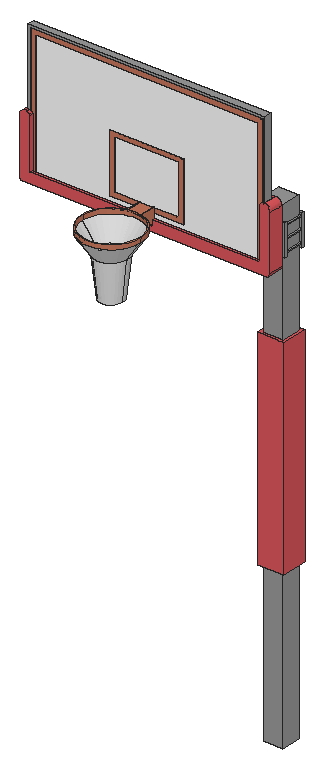
Revit family "Basketball_Backstop-Outdoor-Ultimate_Fixed_Height-IPIbyBison-BA873-74", category Specialty Equipment, Revit 2022
Family settings
  Round Connector Dimension = Use Diameter
  Part Type = Normal
  OmniClass Number = 23.40.50.34.14
  OmniClass Title = Gymnasium Equipment
  Work Plane-Based = No
  Always vertical = Yes
  Cut with Voids When Loaded = No
  Maintain Annotation Orientation = No
  Shared = No
  Room Calculation Point = No
Parameters (values of type "BK873-BK")
  padding color [instance] = Plastic - IPI by Bison - Scarlet SC
  URL = "https://ipibybison.com/"
  Specification = "https://www.arcat.com/company/ipi-by-bison-38554/spec"
  Product Page URL = "https://www.arcat.com/arcatcos/cos38/arc38554.html"
  Post Height = 8' - 4"
  Post Square Width = 0' - 6"
  Post Material = Steel - Galvanized - Hot Dipped
  Padding Color [instance] = Plastic - IPI by Bison - Scarlet SC
  Padding = Padding - Black
  Model = "BK873-BK"
  Manufacturer = "IPI by Bison"
  Keynote = "11 66 00"
  Hoop Finish = Powder Coat - Playground Orange
  Hoop Elevation = 10' - 0"
  Embedding Depth = 4' - 0"
  Description = "Outdoor Basketball Frame and Backboard Systems"
  Default Elevation = 0' - 0"
  Copyright = "© 2023 ARCAT"  # constant formula
  Category = ""
  CAD Details = "https://www.arcat.com/company/ipi-by-bison-38554/cad"
  Basket Type = "BA32"
  Basket Netting = Finish - IPI by Bison - White Netting
  Backboard Length = 6' - 0"
  Backboard Height = 3' - 6"
  Backboard Finish = Powder Coat - White
  Backboard BA472PC = no
  Backboard BA42RG = yes
Types (3): name | Model | Basket Type | Backboard Finish | Backboard BA472PC | Backboard BA42RG
  BA874-BK | "BA874-BK" | "BA39U" | Steel - Galvanized - Perforated | yes | no
  BA873U-BK | "BA873U-BK" | "BA32" | Powder Coat - White | no | yes
  BK873-BK | "BK873-BK" | "BA32" | Powder Coat - White | no | yes
Reference planes (in)
  plane 1 "Center (Front/Back)": y = 0
  plane 2 "Bottom": z = 0
  plane 3 "Center (Left/Right)": x = 0
  plane 4: x = -3
  plane 5: x = 3
  plane 6 "Back": y = 3
  plane 7 "Front": y = -3
  plane 8: y = -51
  plane 9: y = -48.75
  plane 10 "Left": x = -36
  plane 11 "Right": x = 36
  plane 12: z = 114.5
  plane 13: z = 120
  plane 14 "Top": z = 156.5
  plane 15: y = -51.0625
  plane 16: z = 116.75
  plane 17: y = -31.25
  plane 18: y = -33.25
  plane 19: z = -48
  plane 20: z = 100
  plane 21: z = 94.54174
  plane 22: z = 90.80259
  plane 23: z = 87.06343
  plane 24: x = -3.5
  plane 25: x = 3.5
  plane 26: x = -35.25
  plane 27: x = 35.25
  plane 28: z = 155.75
  plane 29: z = 115.25
  plane 30 "Board Center": y = -49.875
Forms (in)
  Extrusion 1, solid, material "Steel - Galvanized - Hot Dipped" <- "Post Material"
    sketch origin (0, 0, 0) x (1, 0, 0) y (0, 0, 1)
      loop
        line (-36, 114.5) -> (36, 114.5) -> (36, 156.5) -> (-36, 156.5) -> (-36, 114.5)
      loop
        line (-35.25, 155.75) -> (-35.25, 115.25) -> (35.25, 115.25) -> (35.25, 155.75) -> (-35.25, 155.75)
    from 48.75 to 51
  Extrusion 2, solid, material "Powder Coat - Playground Orange" <- "Hoop Finish", visible <- "Backboard BA42RG"
    sketch origin (0, 0, 0) x (1, 0, 0) y (0, 0, 1)
      loop
        line (-11.25, 118.5) -> (-2.25, 118.5) -> (-2.25, 120) -> (-9.75, 120) -> (-9.75, 135) -> (9.75, 135) -> (9.75, 120) -> (2.25, 120) -> (2.25, 118.5) -> (11.25, 118.5) -> (11.25, 136.5) -> (-11.25, 136.5) -> (-11.25, 118.5)
      loop
        line (-35.25, 115.25) -> (-2.25, 115.25) -> (-2.25, 116.75) -> (-33.75, 116.75) -> (-33.75, 154.25) -> (33.75, 154.25) -> (33.75, 116.75) -> (2.25, 116.75) -> (2.25, 115.25) -> (35.25, 115.25) -> (35.25, 155.75) -> (-35.25, 155.75) -> (-35.25, 115.25)
    from 51 to 51.0625
  Extrusion 3, solid, material "Steel - Galvanized - Hot Dipped" <- "Post Material"
    sketch origin (0, 0, 0) x (0, 1, 0) y (0, 0, 1)
      loop
        line (-48.75, 114.5) -> (-25.24781, 114.5) -> (-28.37601, 118.5) -> (-48.75, 118.5) -> (-48.75, 114.5)
    from -2.25 to 2.25
  Extrusion 4, solid, material "Steel - Galvanized - Hot Dipped" <- "Post Material"
    sketch origin (0, 0, 0) x (1, 0, 0) y (0, 1, 0)
      loop
        line (-3, 3) -> (-3, -3) -> (3, -3) -> (3, 3) -> (-3, 3)
    from -48 to 100
  Extrusion 5, solid, material "Steel - Galvanized - Hot Dipped" <- "Post Material"
    sketch origin (0, 0, 0) x (0, 1, 0) y (0, 0, 1)
      loop
        line (-3, 95) -> (-48.75, 153.5) -> (-48.75, 144.55198) -> (-3, 86.05198) -> (-3, 95)
    from -3 to 3
  Extrusion 6, solid, material "Steel - Galvanized - Hot Dipped" <- "Post Material"
    sketch origin (0, 0, 0) x (0, 1, 0) y (0, 0, 1)
      loop
        line (-3, 95.55319) -> (-3.5, 95.55319) -> (-3.5, 86.05198) -> (-3, 86.05198) -> (-3, 95.55319)
      loop
        line (3, 95.55319) -> (3, 86.05198) -> (3.5, 86.05198) -> (3.5, 95.55319) -> (3, 95.55319)
    from -4 to 4
  Extrusion 7, solid, material "Steel - Galvanized - Hot Dipped" <- "Post Material"
    sketch origin (0, 0, 0) x (1, 0, 0) y (0, 0, 1)
      loop
        circle (-3.5, 94.54174) r 0.25
      loop
        circle (-3.5, 87.06343) r 0.25
      loop
        circle (-3.5, 90.80259) r 0.25
      loop
        circle (3.5, 94.54174) r 0.25
      loop
        circle (3.5, 87.06343) r 0.25
      loop
        circle (3.5, 90.80259) r 0.25
    from -3 to 3
  Extrusion 8, solid, material "Powder Coat - White" <- "Backboard Finish", visible <- "Backboard BA42RG"
    sketch origin (0, 0, 0) x (1, 0, 0) y (0, 0, 1)
      loop
        line (-35.25, 155.75) -> (-35.25, 115.25) -> (35.25, 115.25) -> (35.25, 155.75) -> (-35.25, 155.75)
    from 48.75 to 51
  Extrusion 9, solid, material "Powder Coat - White" <- "Backboard Finish", visible <- "Backboard BA472PC"
    sketch origin (0, 0, 0) x (1, 0, 0) y (0, 0, 1)
      loop
        line (-35.25, 155.75) -> (-35.25, 115.25) -> (-11.25, 115.25) -> (-11.25, 136.5) -> (11.25, 136.5) -> (11.25, 115.25) -> (35.25, 115.25) -> (35.25, 155.75) -> (-35.25, 155.75)
    from 48.75 to 51
  Extrusion 10, solid, material "Steel - Galvanized - Hot Dipped" <- "Post Material", visible <- "Backboard BA472PC"
    sketch origin (0, 0, 0) x (1, 0, 0) y (0, 0, 1)
      loop
        line (-11.25, 136.5) -> (-11.25, 115.25) -> (11.25, 115.25) -> (11.25, 136.5) -> (-11.25, 136.5)
    from 48.75 to 51
  Extrusion 11, solid, material "Plastic - IPI by Bison - Scarlet SC" <- "Padding Color"
    sketch origin (0, 0, 0) x (1, 0, 0) y (0, 1, 0)
      loop
        line (-3, 3) -> (-3, -3) -> (3, -3) -> (3, 3) -> (-3, 3)
      loop
        line (4, 4) -> (-4, 4) -> (-4, -4) -> (4, -4) -> (4, 4)
    from 0 to 63.25
  Extrusion 12, solid, material "Plastic - IPI by Bison - Scarlet SC" <- "padding color"
    sketch origin (0, -49.875, 0) x (-1, 0, 0) y (0, 0, 1)
      loop
        arc (35.72165, 133.52297) -> (35.01454, 133.23008) -> (34.72165, 132.52297) r 1
        line (34.72165, 132.52297) -> (34.72165, 117.16432) -> (-35.25, 117.16432) -> (-35.25, 132.52297)
        arc (-35.25, 132.52297) -> (-35.54289, 133.23008) -> (-36.25, 133.52297) r 1
        line (-36.25, 133.52297) -> (-36.52835, 133.52297)
        arc (-36.52835, 133.52297) -> (-37.76579, 133.01041) -> (-38.27835, 131.77297) r 1.75
        line (-38.27835, 131.77297) -> (-38.27835, 115.02297)
        arc (-38.27835, 115.02297) -> (-37.98546, 114.31587) -> (-37.27835, 114.02297) r 1
        line (-37.27835, 114.02297) -> (36.72165, 114.02297)
        arc (36.72165, 114.02297) -> (37.42876, 114.31587) -> (37.72165, 115.02297) r 1
        line (37.72165, 115.02297) -> (37.72165, 131.77297)
        arc (37.72165, 131.77297) -> (37.20909, 133.01041) -> (35.97165, 133.52297) r 1.75
        line (35.97165, 133.52297) -> (35.72165, 133.52297)
    from -2.18697 to 2.14819
Dimensions and locks (in)
  equal spacing: plane 4, plane 3 "Center (Left/Right)", plane 5
  "Post Square Width": plane 4 to plane 5
  equal spacing: plane 6 "Back", plane 1 "Center (Front/Back)", plane 7 "Front"
  "Post Square Width": plane 6 "Back" to plane 7 "Front"
  locked: plane 8 to plane 7 "Front" at 48
  locked: plane 9 to plane 8 at 2.25
  equal spacing: plane 10 "Left", plane 3 "Center (Left/Right)", plane 11 "Right"
  "Backboard Length": plane 10 "Left" to plane 11 "Right"
  "Hoop Elevation": plane 13 to level
  locked: plane 13 to plane 12 at 5.5
  "Backboard Height": plane 14 "Top" to plane 12
  locked: plane 8 to plane 15 at 0.0625
  locked: plane 16 to plane 12 at 2.25
  locked: plane 17 to plane 18 at 2
  "Embedding Depth": level to plane 19
  "Post Height": plane 20 to level
  plane 20 to Extrusion 5 sketch curve to Extrusion 5 sketch curve = 0' - 5" locked, 0' - 8.94802" locked
  plane 14 "Top" to Extrusion 5 sketch curve to Extrusion 5 sketch curve = 0' - 3" locked, 0' - 8.94802" locked
  locked: plane 7 "Front" to Extrusion 6 sketch curve at 0.5
  plane 20 to Extrusion 6 sketch curve = 0' - 4.44681"
  locked: Extrusion 6 sketch curve to Extrusion 6 sketch curve at 9.50121  (x2)
  locked: Extrusion 6 sketch curve to plane 6 "Back" at 0.5
  equal spacing: Extrusion 6, plane 3 "Center (Left/Right)", Extrusion 6
  locked: Extrusion 6 to Extrusion 6 at 8
  locked: plane 4 to plane 24 at 0.5
  locked: plane 5 to plane 25 at 0.5
  locked: plane 20 to plane 21 at 5.45826
  equal spacing: plane 21, plane 22, plane 23
  locked: plane 21 to plane 23 at 7.47831
  locked: Extrusion 3 sketch curve to plane 17 at 6.00219
  locked: Extrusion 3 sketch curve to plane 17 at 2.87399
  locked: plane 26 to plane 10 "Left" at 0.75
  locked: plane 27 to plane 11 "Right" at 0.75
  locked: plane 14 "Top" to plane 28 at 0.75
  locked: plane 29 to plane 12 at 0.75
  locked: Extrusion 2 sketch curve to plane 26 at 1.5
  locked: plane 28 to Extrusion 2 sketch curve at 1.5
  locked: Extrusion 2 sketch curve to plane 27 at 1.5
  locked: Extrusion 2 sketch curve to plane 29 at 1.5  (x2)
  equal spacing: Extrusion 9 sketch curve, plane 3 "Center (Left/Right)", Extrusion 9 sketch curve
  locked: Extrusion 9 sketch curve to Extrusion 9 sketch curve at 22.5
  locked: Extrusion 9 sketch curve to plane 29 at 21.25
  equal spacing: Extrusion 10 sketch curve, plane 3 "Center (Left/Right)", Extrusion 10 sketch curve
  locked: Extrusion 10 sketch curve to Extrusion 10 sketch curve at 22.5
  locked: Extrusion 10 sketch curve to plane 29 at 21.25
  locked: Extrusion 11 sketch curve to Extrusion 4 at 1  (x3)
  locked: Extrusion 4 to Extrusion 11 sketch curve at 1
  locked: plane 9 to plane 30 "Board Center" at 1.125
  aligned and locked: plane 2 "Bottom" to level
  aligned and locked: Extrusion 1 to plane 8
  aligned and locked: plane 9 to Extrusion 1
  aligned and locked: plane 8 to Extrusion 2
  aligned and locked: Extrusion 2 to plane 15
  aligned and locked: plane 3 "Center (Left/Right)" to nested 1
  aligned and locked: plane 13 to nested 1
  aligned and locked: nested 1 to plane 8
  aligned and locked: plane 4 to Extrusion 4 sketch curve
  aligned and locked: plane 5 to Extrusion 4 sketch curve
  aligned and locked: Extrusion 4 sketch curve to plane 7 "Front"
  aligned and locked: Extrusion 4 sketch curve to plane 6 "Back"
  aligned and locked: plane 20 to Extrusion 4
  aligned and locked: Extrusion 4 to plane 19
  aligned and locked: Extrusion 5 to plane 4
  aligned and locked: Extrusion 5 to plane 5
  aligned and locked: Extrusion 5 sketch curve to plane 9
  aligned and locked: Extrusion 5 sketch curve to plane 7 "Front"
  aligned and locked: plane 9 to Extrusion 3 sketch curve
  aligned and locked: plane 12 to Extrusion 3 sketch curve
  aligned and locked: Extrusion 6 sketch curve to plane 7 "Front"
  aligned and locked: plane 6 "Back" to Extrusion 6 sketch curve
  aligned and locked: plane 24 to Extrusion 7 sketch curve  (x3)
  aligned and locked: plane 25 to Extrusion 7 sketch curve  (x3)
  aligned and locked: plane 21 to Extrusion 7 sketch curve  (x2)
  aligned and locked: plane 22 to Extrusion 7 sketch curve  (x2)
  aligned and locked: plane 23 to Extrusion 7 sketch curve  (x2)
  aligned and locked: plane 6 "Back" to Extrusion 7
  aligned and locked: plane 7 "Front" to Extrusion 7
  aligned and locked: Extrusion 1 sketch curve to plane 10 "Left"
  aligned and locked: plane 11 "Right" to Extrusion 1 sketch curve
  aligned and locked: Extrusion 1 sketch curve to plane 14 "Top"
  aligned and locked: Extrusion 1 sketch curve to plane 12
  aligned and locked: plane 26 to Extrusion 1 sketch curve
  aligned and locked: plane 27 to Extrusion 1 sketch curve
  aligned and locked: Extrusion 1 sketch curve to plane 28
  aligned and locked: plane 29 to Extrusion 1 sketch curve
  aligned and locked: plane 26 to Extrusion 8 sketch curve
  aligned and locked: plane 27 to Extrusion 8 sketch curve
  aligned and locked: Extrusion 8 sketch curve to plane 28
  aligned and locked: plane 29 to Extrusion 8 sketch curve
  aligned and locked: plane 9 to Extrusion 8
  aligned and locked: Extrusion 8 to plane 8
  aligned and locked: plane 26 to Extrusion 2 sketch curve
  aligned and locked: Extrusion 2 sketch curve to plane 28
  aligned and locked: Extrusion 2 sketch curve to plane 29
  aligned and locked: Extrusion 2 sketch curve to plane 27
  aligned and locked: plane 26 to Extrusion 9 sketch curve
  aligned and locked: Extrusion 9 sketch curve to plane 28
  aligned and locked: plane 27 to Extrusion 9 sketch curve
  aligned and locked: plane 29 to Extrusion 9 sketch curve
  aligned and locked: plane 29 to Extrusion 10 sketch curve
  aligned and locked: plane 9 to Extrusion 10
  aligned and locked: Extrusion 10 to plane 8
  aligned and locked: Extrusion 9 to plane 8
  aligned and locked: plane 9 to Extrusion 9
  aligned and locked: Extrusion 11 sketch curve to plane 4
  aligned and locked: plane 5 to Extrusion 11 sketch curve
  aligned and locked: Extrusion 11 sketch curve to plane 6 "Back"
  aligned and locked: plane 7 "Front" to Extrusion 11 sketch curve
Automatic sketch dimensions
  Extrusion 3 sketch curve to plane 13 = 0' - 1 1/2"
  Extrusion 6 sketch curve to Extrusion 6 sketch curve = 0' - 0"
  Extrusion 2 sketch curve to plane 13 = 0' - 0"  (x2)
  Extrusion 2 sketch curve to plane 29 = 0' - 0"
  Extrusion 2 sketch curve to plane 13 = 0' - 1 1/2"
  Extrusion 2 sketch curve to plane 24 = 0' - 7 3/4"
  Extrusion 2 sketch curve to Extrusion 2 sketch curve = 0' - 1 1/2"  (x4)
  plane 4 to Extrusion 2 sketch curve = 0' - 0 3/4"  (x2)
  plane 5 to Extrusion 2 sketch curve = 0' - 0 3/4"  (x2)
  plane 25 to Extrusion 2 sketch curve = 0' - 6 1/4"
  plane 13 to Extrusion 2 sketch curve = 1' - 3"
  Extrusion 9 sketch curve to plane 29 = 0' - 0"
  plane 27 to Extrusion 12 sketch curve = 0' - 0"
  Extrusion 12 sketch curve to plane 11 "Right" = 0' - 0 1/4"
  Extrusion 12 sketch curve to Extrusion 12 sketch curve = 0' - 0.27835"
  Extrusion 12 sketch curve to plane 29 = 0' - 0.22703"  (x2)
  Extrusion 12 sketch curve to plane 11 "Right" = 0' - 1.27835"
  Extrusion 12 sketch curve to Extrusion 12 sketch curve = 0' - 1 3/4"
  plane 26 to Extrusion 12 sketch curve = 0' - 0.52835"
  plane 10 "Left" to Extrusion 12 sketch curve = 0' - 0.27835"
  plane 10 "Left" to Extrusion 12 sketch curve = 0' - 0.02835"
  Extrusion 12 sketch curve to plane 10 "Left" = 0' - 0.72165"
  plane 16 to Extrusion 12 sketch curve = 0' - 0.41432"
  plane 13 to Extrusion 12 sketch curve = 0' - 11.77297"  (x2)
  radius of Extrusion 7 sketch curve = 0' - 0 1/4"  (x6)
Nested families (in)
  nested 1: "Playground-System_Heavy-Duty-4_1-2in_PR52_Basket" at (0, -51, 120), Frame <- "Hoop Finish", Netting <- "Basket Netting", type "Playground-System_Heavy-Duty-4_1-2in_PR52_Basket"
    with Netting Finish - IPI by Bison - White Netting, Frame Powder Coat - Playground Orange
Definition of nested family "Playground-System_Heavy-Duty-4_1-2in_PR52_Basket"
  Parameters (values of type "Playground-System_Heavy-Duty-4_1-2in_PR52_Basket")
    Netting [instance] = none
    Frame [instance] = none
    Default Elevation = 0' - 0"
  Reference planes (in)
    plane 1 "Center (Front/Back)": y = 0
    plane 2: z = 0
    plane 3 "Center (Left/Right)": x = 0
    plane 4 "Net": y = -13.5
    plane 5: x = -2.25
    plane 6: x = 2.25
  Forms (in)
    Extrusion 1, solid, material <- "Frame"
      sketch origin (0, 0, 0) x (1, 0, 0) y (0, 1, 0)
        loop
          circle (0, -13.5) r 9
        loop
          circle (0, -13.5) r 8.75
      from -1.38229 to 0
    Extrusion 2, solid, material <- "Frame"
      sketch origin (0, 0, 0) x (0, 1, 0) y (0, 0, 1)
        loop
          line (0, 0) -> (-4.75, 0) -> (-4.75, -1.1813) -> (0, -5.25) -> (0, 0)
      from -2.25 to -2.06458
    Extrusion 3, solid, material <- "Frame"
      sketch origin (0, 0, 0) x (0, 1, 0) y (0, 0, -1)
        loop
          line (0, 0) -> (0, 5.25) -> (-4.75, 1.1813) -> (-4.75, 0) -> (0, 0)
      from -2.25 to -2.06458
    Extrusion 4, solid, material <- "Frame"
      sketch origin (0, 0, 0) x (0, 1, 0) y (0, 0, 1)
        loop
          line (-4.75, 0) -> (-4.75, -0.25) -> (-0.25, -0.25) -> (-0.25, -5.03586) -> (0, -5.25) -> (0, 0) -> (-4.75, 0)
      from -2.06458 to 2.06458
    Revolve 5, solid, material <- "Netting"
      sketch origin (0, -13.5, 0) x (-1, 0, 0) y (0, 0, 1)
        loop
          line (9, -1.38229) -> (8.8474, -1.38229) -> (4.72063, -7.27592) -> (3.4482, -19.38229) -> (3.57389, -19.38229) -> (4.84157, -7.32114) -> (9, -1.38229)
        axis (0, -1.38229) -> (0, -19.38229)
      angle from 0 to 360
  Dimensions and locks (in)
    locked: level to Extrusion 1 at 1.38229
    locked: plane 4 "Net" to plane 1 "Center (Front/Back)" at 13.5
    equal spacing: plane 6, plane 3 "Center (Left/Right)", plane 5
    locked: plane 6 to plane 5 at 4.5
    aligned and locked: plane 2 to level
    aligned and locked: level to Extrusion 1
  Automatic sketch dimensions
    Extrusion 1 sketch curve to Extrusion 1 sketch curve = 0' - 0"  (x2)
    Extrusion 1 sketch curve to plane 3 "Center (Left/Right)" = 0' - 0"
    Extrusion 1 sketch curve to plane 4 "Net" = 0' - 0"
    Revolve 5 sketch curve to plane 3 "Center (Left/Right)" = 0' - 0"
    Revolve 5 sketch curve to plane 5 = 0' - 1.1982"
    Revolve 5 sketch curve to Revolve 5 sketch curve = 0' - 0.12569"
    Revolve 5 sketch curve to plane 5 = 0' - 2.47063"
    Revolve 5 sketch curve to Revolve 5 sketch curve = 0' - 0.12094"
    Revolve 5 sketch curve to level = 0' - 1.38229"  (x2)
    Revolve 5 sketch curve to plane 5 = 0' - 6.5974"
    Revolve 5 sketch curve to Revolve 5 sketch curve = 0' - 0.1526"
    Revolve 5 sketch curve to Revolve 5 sketch curve = 0' - 0.04522"
    Revolve 5 sketch curve to Revolve 5 sketch curve = 1' - 0.06115"
    Revolve 5 sketch curve to Revolve 5 sketch curve = 0' - 1"
    Revolve 5 sketch curve to Revolve 5 sketch curve = 0' - 5.89364"
    Extrusion 2 sketch curve to level = 0' - 0"
    Extrusion 2 sketch curve to plane 1 "Center (Front/Back)" = 0' - 0"
    Extrusion 2 sketch curve to level = 0' - 1.1813"
    plane 1 "Center (Front/Back)" to Extrusion 2 sketch curve = 0' - 4 3/4"
    Extrusion 2 sketch curve to level = 0' - 5 1/4"
    Extrusion 3 sketch curve to level = 0' - 0"
    Extrusion 3 sketch curve to plane 1 "Center (Front/Back)" = 0' - 0"
    Extrusion 3 sketch curve to level = 0' - 1.1813"
    plane 1 "Center (Front/Back)" to Extrusion 3 sketch curve = 0' - 4 3/4"
    Extrusion 3 sketch curve to level = 0' - 5 1/4"
    Extrusion 4 sketch curve to level = 0' - 0"
    Extrusion 4 sketch curve to plane 1 "Center (Front/Back)" = 0' - 0"
    plane 1 "Center (Front/Back)" to Extrusion 4 sketch curve = 0' - 0 1/4"
    Extrusion 4 sketch curve to level = 0' - 0 1/4"
    Extrusion 4 sketch curve to Extrusion 4 sketch curve = 0' - 4 1/2"
    Extrusion 4 sketch curve to Extrusion 4 sketch curve = 0' - 4.78586"
    Extrusion 4 sketch curve to Extrusion 4 sketch curve = 0' - 0.21414"
    radius of Extrusion 1 sketch curve = 0' - 9"
    radius of Extrusion 1 sketch curve = 0' - 8 3/4"
